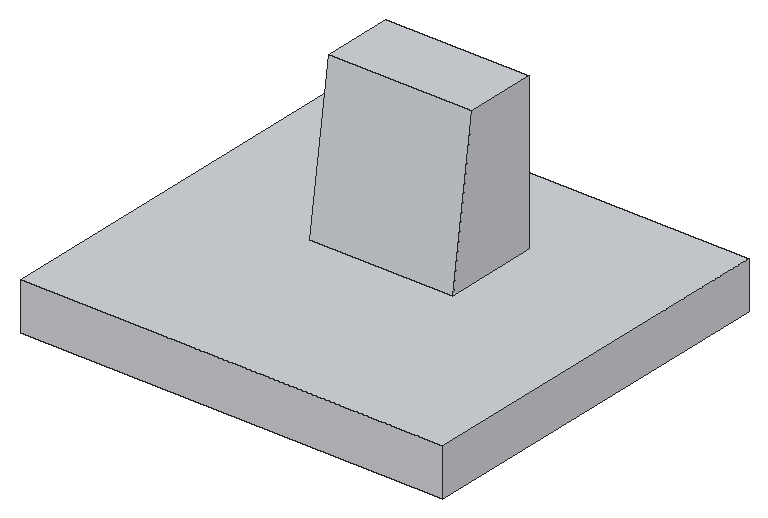
Revit family "M_Filtro de gordura - Somente exaustão - Parede - Extremidade cônica", category Terminais de ar, Revit 2019
Family settings
  Hospedeiro = Face
  Cota do conector redondo = Utilizar diâmetro
  Tipo de parte = Normal
  Número OmniClass = 23.40.40.14.21.11
  Título OmniClass = Food Service Hoods
  ID de item do Seek = Grease Hood - Exhaust Only - Wall - Tapered End-0000-CAN-ENU
  Corte com vazios quando carregada = Não
  Compartilhado = Não
  Ponto de cálculo do ambiente = Não
Parameters (values of type "Padrão")
  Queda de pressão [instance] = 100.0 Pa
  Fluxo mínimo = 0.0 L/s
  Fluxo máximo = 0.0 L/s
  Largura da coifa [instance] = 991 mm
  Material da coifa = none
  Comprimento da coifa [instance] = 914 mm
  Largura do duto [instance] = 250 mm
  Altura do duto [instance] = 250 mm
  Elevação-padrão = 900 mm
  Fluxo do ar de exaustão [instance] = 0.254 m/s * Comprimento da coifa * Largura da coifa  # 230.067 L/s
Reference planes
  plane 1 "Centro (Frente/Trás)": y = 0
  plane 2: z = 0
  plane 3 "Centro (Esquerda/Direita)": x = 0
  plane 4: z = 991
  plane 5: z = 50.8
  plane 6: z = 300.8
  plane 7: x = -457
  plane 8: x = 457
  plane 9: x = -125
  plane 10: x = 125
  plane 11: y = 609.6
  plane 12: y = 152.4
  plane 13: y = 711.2
Forms (mm)
  Extrusion 1, solid
    sketch origin (0, 0, 0) x (1, 0, 0) y (0, 1, 0)
      loop
        line (-1330.678, 1219.2) -> (-1330.678, -1219.2) -> (1371.6, -1219.2) -> (1371.6, 1219.2) -> (-1330.678, 1219.2)
    from 0 to -304.8
  Extrusion 2, solid, material <- "Material da coifa"
    sketch origin (0, 0, 0) x (0, 1, 0) y (0, 0, 1)
      loop
        line (152.4, 991) -> (0, 0) -> (609.6, 0) -> (609.6, 991) -> (152.4, 991)
    from -457 to 457
  Extrusion 3, solid, material <- "Material da coifa"
    sketch origin (0, 0, 0) x (1, 0, 0) y (0, 0, 1)
      loop
        line (-125, 300.8) -> (-125, 50.8) -> (125, 50.8) -> (125, 300.8) -> (-125, 300.8)
    from -711.2 to -609.6
Dimensions and locks
  "Largura da coifa": plane 4 to plane 2
  locked: plane 5 to plane 2 at 50.8
  "Altura do duto": plane 6 to plane 5
  equal spacing: plane 8, plane 3 "Centro (Esquerda/Direita)", plane 7
  "Comprimento da coifa": plane 8 to plane 7
  equal spacing: plane 10, plane 3 "Centro (Esquerda/Direita)", plane 9
  "Largura do duto": plane 10 to plane 9
  locked: plane 11 to plane 1 "Centro (Frente/Trás)" at 609.6
  locked: plane 11 to plane 12 at 457.2
  locked: plane 13 to plane 11 at 101.6
  aligned and locked: plane 2 to Extrusion 1
  aligned and locked: level to Extrusion 1
  aligned and locked: plane 4 to Extrusion 2 sketch curve
  aligned and locked: plane 12 to Extrusion 2 sketch curve
  aligned and locked: plane 2 to Extrusion 2 sketch curve
  aligned and locked: plane 1 "Centro (Frente/Trás)" to Extrusion 2 sketch curve
  aligned and locked: Extrusion 2 sketch curve to plane 2
  aligned and locked: Extrusion 2 sketch curve to plane 11
  aligned and locked: Extrusion 2 sketch curve to plane 4
  aligned and locked: Extrusion 2 to plane 7
  aligned and locked: plane 8 to Extrusion 2
  aligned and locked: plane 9 to Extrusion 3 sketch curve
  aligned and locked: Extrusion 3 sketch curve to plane 6
  aligned and locked: plane 5 to Extrusion 3 sketch curve
  aligned and locked: Extrusion 3 sketch curve to plane 10
  aligned and locked: Extrusion 3 to plane 13
  aligned and locked: plane 11 to Extrusion 3
Automatic sketch dimensions
  Extrusion 1 sketch curve to Extrusion 1 sketch curve = 2702.278 mm
  Extrusion 1 sketch curve to Extrusion 1 sketch curve = 2438.4 mm
Connectors
  hvac at (0, 711.2, 175.8), driven by "Queda de pressão", driven by "Fluxo do ar de exaustão", driven by "Altura do duto", driven by "Largura do duto"
    settings: on Extrusion 3, index 1, duct flow 230.067 L/s, flow factor 0, pres drop 100.0 Pa, loss coef 0, conn angle 0.00°, conn width 250 mm, conn height 250 mm, conn diameter 609.6 mm, duct sys type 3, conn prof type 1, flow config 1, flow direction 2, loss method 4, conn ref index -1, conn util no, is conn primary yes, conn desc ""
